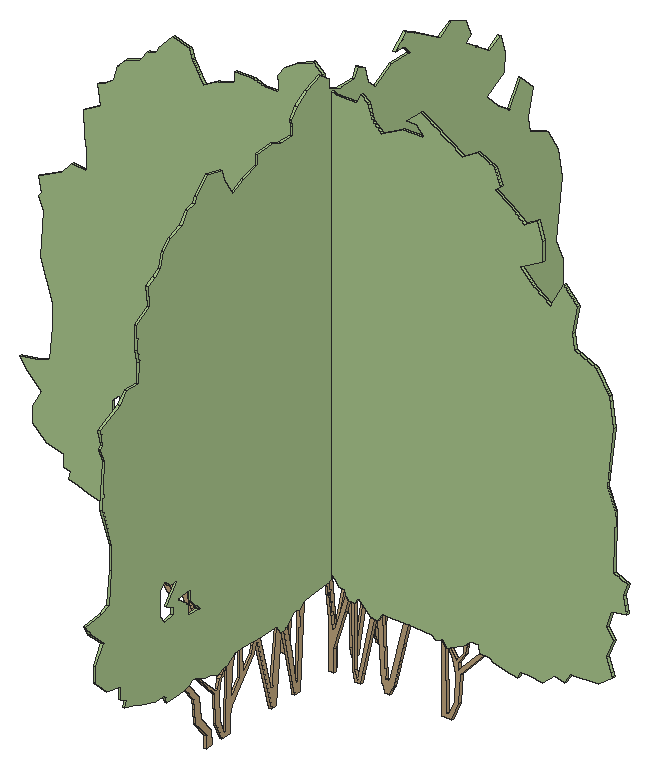
Revit family "L-PL낙엽관목_해당화", category 수목, Revit 2019
Family settings
  OmniClass 번호 = 23.40.05.00
  OmniClass 제목 = Plants and Planting Products
  작업 기준면 기반 = 아니오
  항상 수직 = 예
  로드될 때 보이드를 사용하여 절단 = 아니오
  렌더 모양 소스 = 패밀리 형상
  공유 = 아니오
Parameters
  높이 = 6000 mm
Reference planes
  plane 1 "중심(앞/뒤)": y = 0
  plane 2: z = 0
  plane 3 "중심(왼쪽/오른쪽)": x = 0
Forms (mm)
  Extrusion 1, solid, material "L-PL낙엽관목_해당화"
    sketch origin (0, 0, 0) x (1, 0, 0) y (0, 0, 1)
      loop
        line (-119.012, 133.914) -> (-104.506, 152.533) -> (-94.22, 156.034) -> (-87.363, 152.837) -> (-75.791, 161.775) -> (-56.798, 165.951) -> (-15.89, 169.461) -> (-8.769, 169.461) -> (-3.115, 180.388) -> (7.847, 181.328) -> (19.319, 170.515) -> (21.297, 165.765) -> (33.429, 163.626) -> (35.251, 153.292) -> (41.638, 146.277) -> (48.66, 146.969) -> (55.873, 146.2) -> (63.11, 156.995) -> (89.092, 132.54) -> (96.726, 130.682) -> (103.847, 130.682) -> (113.54, 145.782) -> (167.54, 145.782) -> (215.275, 143.919) -> (223.775, 137.311) -> (237.563, 141.323) -> (245.476, 130.682) -> (250.487, 130.682) -> (255.697, 132.678) -> (283.382, 147.662) -> (289.809, 150.617) -> (296.377, 159.066) -> (313.777, 159.066) -> (315.894, 144.002) -> (326.971, 144.002) -> (337.257, 144.002) -> (344.773, 136.485) -> (369.697, 130.551) -> (395.619, 126.663) -> (402.007, 138.368) -> (416.202, 138.368) -> (447.075, 134.466) -> (472.271, 156.102) -> (492.853, 150.782) -> (506.927, 171.164) -> (564.594, 174.402) -> (593.752, 195.774) -> (582.088, 231.393) -> (596.991, 266.364) -> (581.408, 287.466) -> (591.775, 317.904) -> (622.877, 324.381) -> (617.045, 356.762) -> (624.821, 381.371) -> (596.959, 393.676) -> (599.349, 508.583) -> (582.497, 549.209) -> (596.959, 662.828) -> (587.24, 719.819) -> (561.322, 763.21) -> (514.67, 782.638) -> (510.134, 811.134) -> (521.149, 864.238) -> (491.344, 895.324) -> (463.482, 847.4) -> (431.085, 868.124) -> (402.575, 898.562) -> (447.284, 923.82) -> (448.579, 961.382) -> (438.212, 997.001) -> (409.703, 980.163) -> (377.953, 1002.829) -> (346.852, 1022.906) -> (359.811, 1031.972) -> (346.852, 1063.706) -> (311.215, 1079.249) -> (280.761, 1061.115) -> (217.911, 1099.325) -> (192.317, 1112.277) -> (163.448, 1087.349) -> (184.651, 1087.349) -> (201.244, 1068.005) -> (155.151, 1068.005) -> (112.147, 1044.841) -> (91.47, 1062.201) -> (82.311, 1092.521) -> (67.408, 1101.587) -> (58.337, 1083.454) -> (14.276, 1084.102) -> (-11.641, 1095.111) -> (-10.993, 1112.597) -> (-31.728, 1128.14) -> (-66.069, 1113.892) -> (-91.987, 1096.406) -> (-106.889, 1076.33) -> (-104.298, 1064.673) -> (-104.298, 1047.187) -> (-134.103, 1047.187) -> (-156.133, 1054.311) -> (-195.01, 1052.368) -> (-195.658, 1032.292) -> (-231.943, 1021.93) -> (-260.453, 1006.387) -> (-284.427, 1044.285) -> (-288.962, 1062.418) -> (-325.895, 1072.133) -> (-354.405, 1042.99) -> (-358.292, 1031.98) -> (-377.731, 1026.799) -> (-392.634, 1006.075) -> (-423.087, 994.418) -> (-441.23, 978.228) -> (-449.005, 949.085) -> (-463.26, 938.723) -> (-481.402, 929.656) -> (-476.867, 890.799) -> (-511.856, 870.075) -> (-509.912, 822.151) -> (-504.728, 798.837) -> (-506.024, 759.332) -> (-537.126, 760.627) -> (-554.62, 739.903) -> (-606.456, 714.646) -> (-599.765, 683.822) -> (-605.596, 677.346) -> (-595.229, 653.384) -> (-601.97, 563.733) -> (-576.562, 487.539) -> (-576.562, 441.079) -> (-582.918, 377.107) -> (-603.005, 369.984) -> (-644.473, 363.507) -> (-633.458, 344.726) -> (-599.117, 312.993) -> (-618.555, 279.964) -> (-618.555, 247.583) -> (-589.398, 220.383) -> (-553.113, 213.259) -> (-553.113, 188.65) -> (-538.477, 183.078) -> (-542.526, 169.007) -> (-521.766, 163.034) -> (-500.024, 156.777) -> (-462.55, 145.995) -> (-439.838, 145.995) -> (-432.457, 130.551) -> (-401.477, 130.551) -> (-385.85, 133.914) -> (-376.554, 136.485) -> (-369.037, 144.002) -> (-358.751, 144.002) -> (-331.201, 131.446) -> (-315.429, 131.446) -> (-302.633, 123.864) -> (-282.267, 130.682) -> (-277.256, 130.682) -> (-255.101, 145.98) -> (-243.035, 146.969) -> (-237.736, 147.058) -> (-198.355, 145.782) -> (-189.826, 145.782) -> (-145.32, 145.782) -> (-135.628, 130.682) -> (-128.507, 130.682) -> (-119.012, 133.914)
      loop
        line (-451.818, 346.563) -> (-451.818, 324.382) -> (-451.818, 300.037) -> (-437.741, 281.643) -> (-416.626, 287.864) -> (-416.626, 302.471) -> (-433.68, 310.857) -> (-404.173, 348.456) -> (-426.642, 346.563) -> (-438.434, 360.874) -> (-451.818, 346.563)
      loop
        line (-369.916, 294.038) -> (-369.916, 316.107) -> (-408.566, 311.693) -> (-377.646, 291.832) -> (-377.646, 268.66) -> (-347.831, 268.66) -> (-369.916, 294.038)
    from 0 to 5
  Extrusion 2, solid, material "L-PL낙엽관목_해당화2"
    sketch origin (0, 0, 0) x (1, 0, 0) y (0, 0, 1)
      loop
        line (-278.574, 8.044) -> (-283.585, 8.044) -> (-294.597, 35.209) -> (-297.036, 88.221) -> (-292.289, 113.54) -> (-284.641, 115.122) -> (-282.267, 130.682) -> (-285.866, 129.478) -> (-287.938, 119.409) -> (-295.571, 115.316) -> (-300.319, 98.015) -> (-302.782, 93.088) -> (-351.861, 140.862) -> (-358.751, 144.002) -> (-308.113, 90.594) -> (-304.948, 33.89) -> (-290.179, 0) -> (-269.343, 0) -> (-269.343, 33.363) -> (-265.19, 51.034) -> (-205.65, 121.66) -> (-201.826, 139.914) -> (-199.321, 145.782) -> (-160.353, 0) -> (-149.474, 0) -> (-135.628, 130.682) -> (-145.32, 145.782) -> (-160.155, 26.506) -> (-189.826, 145.782) -> (-198.355, 145.782) -> (-203.808, 145.959) -> (-208.233, 138.313) -> (-211.459, 124.313) -> (-234.697, 97.202) -> (-237.736, 147.058) -> (-243.035, 146.969) -> (-243.035, 92.968) -> (-263.211, 66.858) -> (-267.365, 69.363) -> (-264.003, 117.694) -> (-261.036, 129.496) -> (-255.101, 145.98) -> (-277.256, 130.682) -> (-278.574, 8.044)
      loop
        line (55.873, 146.2) -> (48.66, 146.969) -> (51.231, 20.967) -> (55.781, 0) -> (68.44, 0) -> (71.605, 19.583) -> (96.726, 130.682) -> (89.059, 132.39) -> (60.618, 4.662) -> (55.873, 21.358) -> (55.873, 146.2)
      loop
        line (113.54, 145.782) -> (103.847, 130.682) -> (111.957, 16.813) -> (115.518, 12.659) -> (117.694, 0) -> (128.573, 0) -> (131.738, 11.275) -> (135.496, 15.231) -> (167.54, 145.782) -> (158.046, 145.782) -> (128.375, 26.506) -> (118.881, 26.506) -> (113.54, 145.782)
      loop
        line (-119.012, 133.914) -> (-128.507, 130.682) -> (-103.385, 19.583) -> (-100.22, 0) -> (-87.561, 0) -> (-75.791, 161.775) -> (-87.363, 152.837) -> (-90.528, 25.187) -> (-92.786, 18.984) -> (-96.594, 20.37) -> (-98.189, 30.241) -> (-106.166, 79.601) -> (-119.012, 133.914)
      loop
        line (-385.85, 133.914) -> (-363.103, 104.639) -> (-360.136, 85.254) -> (-356.821, 54.872) -> (-330.014, 23.079) -> (-330.267, 0) -> (-315.432, 0) -> (-318.597, 29.077) -> (-345.498, 62.111) -> (-351.037, 105.034) -> (-376.554, 136.485) -> (-385.85, 133.914)
      loop
        line (35.251, 153.292) -> (13.649, 82.232) -> (8.649, 82.232) -> (-3.094, 180.428) -> (-8.769, 169.461) -> (0, 96.133) -> (0, 0) -> (10.879, 0) -> (10.879, 45.099) -> (41.638, 146.277) -> (35.251, 153.292)
      loop
        line (290.048, 150.726) -> (283.382, 147.662) -> (283.382, 131.958) -> (267.809, 115.388) -> (255.697, 132.678) -> (250.487, 130.682) -> (260.509, 113.54) -> (265.256, 88.221) -> (262.817, 35.209) -> (251.805, 8.044) -> (246.794, 8.044) -> (245.476, 130.682) -> (237.563, 141.323) -> (237.563, 33.363) -> (237.563, 0) -> (258.398, 0) -> (273.168, 33.89) -> (276.333, 90.594) -> (326.971, 144.002) -> (315.894, 144.002) -> (272.641, 97.981) -> (272.641, 111.165) -> (287.146, 131.13) -> (290.048, 150.726)
    from 0 to 5
  Extrusion 3, solid, material "L-PL낙엽관목_해당화"
    sketch origin (0, 0, 0) x (0, 1, 0) y (0, 0, 1)
      loop
        line (-119.012, 133.914) -> (-104.506, 152.533) -> (-94.22, 156.034) -> (-87.363, 152.837) -> (-75.791, 161.775) -> (-56.798, 165.951) -> (-15.89, 169.461) -> (-8.769, 169.461) -> (-3.115, 180.388) -> (7.847, 181.328) -> (19.319, 170.515) -> (21.297, 165.765) -> (33.429, 163.626) -> (35.251, 153.292) -> (41.638, 146.277) -> (48.66, 146.969) -> (55.873, 146.2) -> (63.11, 156.995) -> (89.092, 132.54) -> (96.726, 130.682) -> (103.847, 130.682) -> (113.54, 145.782) -> (167.54, 145.782) -> (215.275, 143.919) -> (223.775, 137.311) -> (237.563, 141.323) -> (245.476, 130.682) -> (250.487, 130.682) -> (255.697, 132.678) -> (283.382, 147.662) -> (289.809, 150.617) -> (296.377, 159.066) -> (313.777, 159.066) -> (315.894, 144.002) -> (326.971, 144.002) -> (337.257, 144.002) -> (344.773, 136.485) -> (369.697, 130.551) -> (395.619, 126.663) -> (402.007, 138.368) -> (416.202, 138.368) -> (447.075, 134.466) -> (472.271, 156.102) -> (492.853, 150.782) -> (506.927, 171.164) -> (564.594, 174.402) -> (593.752, 195.774) -> (582.088, 231.393) -> (596.991, 266.364) -> (581.408, 287.466) -> (591.775, 317.904) -> (622.877, 324.381) -> (617.045, 356.762) -> (624.821, 381.371) -> (596.959, 393.676) -> (599.349, 508.583) -> (582.497, 549.209) -> (596.959, 662.828) -> (587.24, 719.819) -> (561.322, 763.21) -> (514.67, 782.638) -> (510.134, 811.134) -> (521.149, 864.238) -> (491.344, 895.324) -> (463.482, 847.4) -> (431.085, 868.124) -> (402.575, 898.562) -> (447.284, 923.82) -> (448.579, 961.382) -> (438.212, 997.001) -> (409.703, 980.163) -> (377.953, 1002.829) -> (346.852, 1022.906) -> (359.811, 1031.972) -> (346.852, 1063.706) -> (311.215, 1079.249) -> (280.761, 1061.115) -> (217.911, 1099.325) -> (192.317, 1112.277) -> (163.448, 1087.349) -> (184.651, 1087.349) -> (201.244, 1068.005) -> (155.151, 1068.005) -> (112.147, 1044.841) -> (91.47, 1062.201) -> (82.311, 1092.521) -> (67.408, 1101.587) -> (58.337, 1083.454) -> (14.276, 1084.102) -> (-11.641, 1095.111) -> (-10.993, 1112.597) -> (-31.728, 1128.14) -> (-66.069, 1113.892) -> (-91.987, 1096.406) -> (-106.889, 1076.33) -> (-104.298, 1064.673) -> (-104.298, 1047.187) -> (-134.103, 1047.187) -> (-156.133, 1054.311) -> (-195.01, 1052.368) -> (-195.658, 1032.292) -> (-231.943, 1021.93) -> (-260.453, 1006.387) -> (-284.427, 1044.285) -> (-288.962, 1062.418) -> (-325.895, 1072.133) -> (-354.405, 1042.99) -> (-358.292, 1031.98) -> (-377.731, 1026.799) -> (-392.634, 1006.075) -> (-423.087, 994.418) -> (-441.23, 978.228) -> (-449.005, 949.085) -> (-463.26, 938.723) -> (-481.402, 929.656) -> (-476.867, 890.799) -> (-511.856, 870.075) -> (-509.912, 822.151) -> (-504.728, 798.837) -> (-506.024, 759.332) -> (-537.126, 760.627) -> (-554.62, 739.903) -> (-606.456, 714.646) -> (-599.765, 683.822) -> (-605.596, 677.346) -> (-595.229, 653.384) -> (-601.97, 563.733) -> (-576.562, 487.539) -> (-576.562, 441.079) -> (-582.918, 377.107) -> (-603.005, 369.984) -> (-644.473, 363.507) -> (-633.458, 344.726) -> (-599.117, 312.993) -> (-618.555, 279.964) -> (-618.555, 247.583) -> (-589.398, 220.383) -> (-553.113, 213.259) -> (-553.113, 188.65) -> (-538.477, 183.078) -> (-542.526, 169.007) -> (-521.766, 163.034) -> (-500.024, 156.777) -> (-462.55, 145.995) -> (-439.838, 145.995) -> (-432.457, 130.551) -> (-401.477, 130.551) -> (-385.85, 133.914) -> (-376.554, 136.485) -> (-369.037, 144.002) -> (-358.751, 144.002) -> (-331.201, 131.446) -> (-315.429, 131.446) -> (-302.633, 123.864) -> (-282.267, 130.682) -> (-277.256, 130.682) -> (-255.101, 145.98) -> (-243.035, 146.969) -> (-237.736, 147.058) -> (-198.355, 145.782) -> (-189.826, 145.782) -> (-145.32, 145.782) -> (-135.628, 130.682) -> (-128.507, 130.682) -> (-119.012, 133.914)
      loop
        line (-451.818, 346.563) -> (-451.818, 324.382) -> (-451.818, 300.037) -> (-437.741, 281.643) -> (-416.626, 287.864) -> (-416.626, 302.471) -> (-433.68, 310.857) -> (-404.173, 348.456) -> (-426.642, 346.563) -> (-438.434, 360.874) -> (-451.818, 346.563)
      loop
        line (-369.916, 294.038) -> (-369.916, 316.107) -> (-408.566, 311.693) -> (-377.646, 291.832) -> (-377.646, 268.66) -> (-347.831, 268.66) -> (-369.916, 294.038)
    from 0 to 5
  Extrusion 4, solid, material "L-PL낙엽관목_해당화2"
    sketch origin (0, 0, 0) x (0, 1, 0) y (0, 0, 1)
      loop
        line (-278.574, 8.044) -> (-283.585, 8.044) -> (-294.597, 35.209) -> (-297.036, 88.221) -> (-292.289, 113.54) -> (-284.641, 115.122) -> (-282.267, 130.682) -> (-285.866, 129.478) -> (-287.938, 119.409) -> (-295.571, 115.316) -> (-300.319, 98.015) -> (-302.782, 93.088) -> (-351.861, 140.862) -> (-358.751, 144.002) -> (-308.113, 90.594) -> (-304.948, 33.89) -> (-290.179, 0) -> (-269.343, 0) -> (-269.343, 33.363) -> (-265.19, 51.034) -> (-205.65, 121.66) -> (-201.826, 139.914) -> (-199.321, 145.782) -> (-160.353, 0) -> (-149.474, 0) -> (-135.628, 130.682) -> (-145.32, 145.782) -> (-160.155, 26.506) -> (-189.826, 145.782) -> (-198.355, 145.782) -> (-203.808, 145.959) -> (-208.233, 138.313) -> (-211.459, 124.313) -> (-234.697, 97.202) -> (-237.736, 147.058) -> (-243.035, 146.969) -> (-243.035, 92.968) -> (-263.211, 66.858) -> (-267.365, 69.363) -> (-264.003, 117.694) -> (-261.036, 129.496) -> (-255.101, 145.98) -> (-277.256, 130.682) -> (-278.574, 8.044)
      loop
        line (55.873, 146.2) -> (48.66, 146.969) -> (51.231, 20.967) -> (55.781, 0) -> (68.44, 0) -> (71.605, 19.583) -> (96.726, 130.682) -> (89.059, 132.39) -> (60.618, 4.662) -> (55.873, 21.358) -> (55.873, 146.2)
      loop
        line (113.54, 145.782) -> (103.847, 130.682) -> (111.957, 16.813) -> (115.518, 12.659) -> (117.694, 0) -> (128.573, 0) -> (131.738, 11.275) -> (135.496, 15.231) -> (167.54, 145.782) -> (158.046, 145.782) -> (128.375, 26.506) -> (118.881, 26.506) -> (113.54, 145.782)
      loop
        line (-119.012, 133.914) -> (-128.507, 130.682) -> (-103.385, 19.583) -> (-100.22, 0) -> (-87.561, 0) -> (-75.791, 161.775) -> (-87.363, 152.837) -> (-90.528, 25.187) -> (-92.786, 18.984) -> (-96.594, 20.37) -> (-98.189, 30.241) -> (-106.166, 79.601) -> (-119.012, 133.914)
      loop
        line (-385.85, 133.914) -> (-363.103, 104.639) -> (-360.136, 85.254) -> (-356.821, 54.872) -> (-330.014, 23.079) -> (-330.267, 0) -> (-315.432, 0) -> (-318.597, 29.077) -> (-345.498, 62.111) -> (-351.037, 105.034) -> (-376.554, 136.485) -> (-385.85, 133.914)
      loop
        line (35.251, 153.292) -> (13.649, 82.232) -> (8.649, 82.232) -> (-3.094, 180.428) -> (-8.769, 169.461) -> (0, 96.133) -> (0, 0) -> (10.879, 0) -> (10.879, 45.099) -> (41.638, 146.277) -> (35.251, 153.292)
      loop
        line (290.048, 150.726) -> (283.382, 147.662) -> (283.382, 131.958) -> (267.809, 115.388) -> (255.697, 132.678) -> (250.487, 130.682) -> (260.509, 113.54) -> (265.256, 88.221) -> (262.817, 35.209) -> (251.805, 8.044) -> (246.794, 8.044) -> (245.476, 130.682) -> (237.563, 141.323) -> (237.563, 33.363) -> (237.563, 0) -> (258.398, 0) -> (273.168, 33.89) -> (276.333, 90.594) -> (326.971, 144.002) -> (315.894, 144.002) -> (272.641, 97.981) -> (272.641, 111.165) -> (287.146, 131.13) -> (290.048, 150.726)
    from 0 to 5
Dimensions and locks
  aligned and locked: level to plane 2
